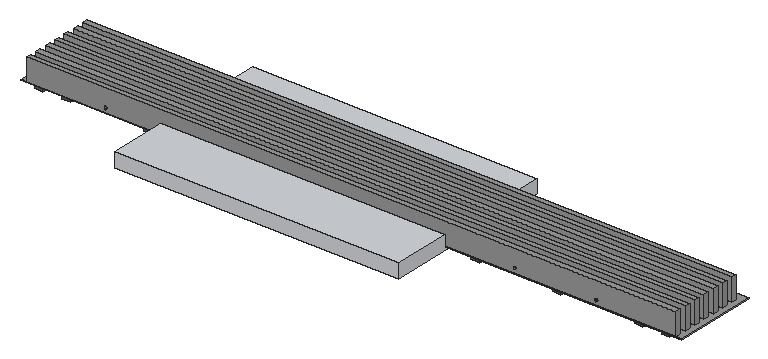
Revit family "1414-7, Veneer", category Generic Models, host Face, Revit 2020
Family settings
  Host = Face
  Can host rebar = No
  Round Connector Dimension = Use Diameter
  Part Type = Normal
  Cut with Voids When Loaded = No
  Shared = No
  Room Calculation Point = No
Parameters
  min_value [instance] = 2' - 4"  # constant formula
  max_value [instance] = 9' - 11 1/4"  # constant formula
  actual_value [instance] = if(NET LENGTH < min_value, min_value, if(NET LENGTH > max_value, max_value, NET LENGTH))  # 7' - 11 1/4"
  SCRIM MATERIAL [instance] = SCRIM
  SCRIM APPEARANCE [instance] = yes
  NET LENGTH [instance] = 7' - 11 1/4"
  IMPORTANT NOTE!!!                                                                             *Backer & dowel layout is for visualization purposes only, final layout to be determined by 9Wood. [instance] = ""
  Default Elevation = 4' - 0"
  DOWEL RADIUS [instance] = 0' - 0 1/4"  # constant formula
  BACKER & DOWEL MATERIAL [instance] = BLACK-BACKERS
  .. MEMBER WIDTH [instance] = 0' - 0 3/4"  # constant formula
  .. MEMBER MATERIAL [instance] = Veneer Cherry
  .. MEMBER DEPTH [instance] = 0' - 3 1/4"  # constant formula
  .. MEMBER COUNT [instance] = 7  # constant formula
Reference planes (in)
  plane 1 "Center (Front/Back)": y = 0
  plane 2: z = 0
  plane 3 "Center (Left/Right)": x = 0
Forms (in)
  Extrusion 1, solid
    sketch origin (0, 0, 0) x (1, 0, 0) y (0, 1, 0)
      loop
        line (-24.24823, 14.63962) -> (-24.24823, -10.69266) -> (17.36192, -10.69266) -> (17.36192, 14.63962) -> (-24.24823, 14.63962)
    from 0 to 2.0625
Dimensions and locks (in)
  aligned and locked: plane 2 to Extrusion 1
Nested families (in)
  nested 1: "1400 series" at (-44.01308, -2.1224, 0.00189), NET LENGTH <- "actual_value", .. MEMBER DEPTH <- ".. MEMBER DEPTH", .. MEMBER WIDTH <- ".. MEMBER WIDTH", DOWEL RADIUS <- "DOWEL RADIUS", BACKER & DOWEL MATERIAL <- "BACKER & DOWEL MATERIAL", .. MEMBER MATERIAL <- ".. MEMBER MATERIAL", SCRIM MATERIAL <- "SCRIM MATERIAL", MEMBER COUNT <- ".. MEMBER COUNT", SCRIM APPEARANCE <- "SCRIM APPEARANCE", type "1400 series"
    with X 7' - 8", SCRIM MATERIAL SCRIM, SCRIM LENGTH 8' - 1", SCRIM APPEARANCE yes, SCRIM 2 0' - 0 7/8", SCRIM 1 0' - 0 3/32", OC TYP 1' - 0", NET LENGTH 7' - 11 1/4", N 8, MEMBER COUNT 7, INSET 2 0' - 0 3/16", INSET 0' - 1", HALF MEMBER WIDTH 0' - 0 3/8", END BACKER yes, DOWEL RADIUS 0' - 0 1/4", DOWEL INDEX 0' - 11 5/8", DOWEL COUNT 7, BACKING M COUNT 8, BACKER WIDTH 0' - 1 1/4", BACKER INDEX 0' - 5 5/8", BACKER DEPTH 0' - 0 1/2", BACKER & DOWEL MATERIAL BLACK-BACKERS, BACKER &  DOWEL LENGTH 0' - 11 7/8", .. MEMBER WIDTH 0' - 0 3/4", .. MEMBER OC TYP 0' - 1.71429", .. MEMBER MATERIAL Veneer Cherry, .. MEMBER DEPTH 0' - 3 1/4"
Definition of nested family "1400 series"
  Parameters (values of type "1400 series")
    X [instance] = NET LENGTH - 0' 3 1/4"  # 7' - 2"
    SCRIM MATERIAL [instance] = none
    SCRIM APPEARANCE [instance] = yes
    SCRIM 2 [instance] = 0' - 0 7/8"  # constant formula
    SCRIM 1 [instance] = 0' - 0 3/32"  # constant formula
    OC TYP [instance] = 1' - 0"  # constant formula
    N [instance] = if((X - (rounddown(X / 1' 0") * 1' 0")) > 1' 0", rounddown(X / 1' 0") + 2, rounddown(X / 1' 0") + 1)  # 8
    MEMBER COUNT [instance] = 2
    INSET 5 = 0' - 0 11/16"  # constant formula
    INSET 2 [instance] = 0' - 0 3/16"  # constant formula
    INSET [instance] = 0' - 1"  # constant formula
    END BACKER [instance] = BACKER INDEX > 0' 3 5/8"  # no
    HALF MEMBER WIDTH [instance] = .. MEMBER WIDTH / 2  # 0' - 1 1/8"
    Default Elevation = 0' - 0"
    DOWEL RADIUS [instance] = 0' - 0 1/4"
    DOWEL INDEX [instance] = BACKER INDEX + 0' 6"  # 0' - 8 5/8"
    DOWEL COUNT [instance] = N - 1  # 7
    BACKER WIDTH [instance] = 0' - 1 1/4"  # constant formula
    BACKER INDEX [instance] = (NET LENGTH - ((N - 1) * 1' 0")) / 2  # 0' - 2 5/8"
    BACKER DEPTH [instance] = 0' - 0 1/2"  # constant formula
    BACKING M COUNT [instance] = N  # 8
    BACKER & DOWEL MATERIAL [instance] = none
    BACKER &  DOWEL LENGTH [instance] = 0' - 11 7/8"  # constant formula
    SCRIM LENGTH [instance] = NET LENGTH + (SCRIM 2 * 2)  # 7' - 7"
    .. MEMBER WIDTH [instance] = 0' - 2 1/4"
    .. MEMBER OC TYP [instance] = 1' 0" / MEMBER COUNT  # 0' - 6"
    .. MEMBER MATERIAL [instance] = none
    NET LENGTH [instance] = 7' - 5 1/4"
    .. MEMBER DEPTH [instance] = 0' - 4"
  Reference planes (in)
    plane 1 "Center (Front/Back)": y = 0
    plane 2: z = 0
    plane 3 "Center (Left/Right)": x = 0
    plane 4: x = 89.25
    plane 5: x = 1
    plane 6: x = 88.25
    plane 7: x = 2.625
    plane 8: x = 8.625
    plane 9: x = 14.625
    plane 10: x = 20.625
    plane 11: y = 0.1875
    plane 12: y = 1.125
    plane 13: y = 7.125
    plane 14: y = 12.0625
    plane 15: x = 90.125
    plane 16: x = -0.875
    plane 17: y = 12.15625
    plane 18: y = -0.09375
    plane 19: z = 2.7097
    plane 20: z = 0.49811
    plane 21: z = 0.56061
    plane 22: z = 1.24811
  Lines and regions (in)
    model lines, not visible
      curve 1: line (8.625, 0, 0.99811) -> (8.625, 0, 1.49811)
      curve 2: line (8.625, 0, 1.49811) -> (8.375, 0, 1.24811)
      curve 3: line (8.375, 0, 1.24811) -> (8.875, 0, 1.24811)
      curve 4: line (20.625, 0, 0.99811) -> (20.625, 0, 1.49811)
      curve 5: line (20.625, 0, 1.49811) -> (20.375, 0, 1.24811)
      curve 6: line (20.375, 0, 1.24811) -> (20.875, 0, 1.24811)
      curve 7: line (32.625, 0, 0.99811) -> (32.625, 0, 1.49811)
      curve 8: line (32.625, 0, 1.49811) -> (32.375, 0, 1.24811)
      curve 9: line (32.375, 0, 1.24811) -> (32.875, 0, 1.24811)
      curve 10: line (44.625, 0, 0.99811) -> (44.625, 0, 1.49811)
      curve 11: line (44.625, 0, 1.49811) -> (44.375, 0, 1.24811)
      curve 12: line (44.375, 0, 1.24811) -> (44.875, 0, 1.24811)
      curve 13: line (56.625, 0, 0.99811) -> (56.625, 0, 1.49811)
      curve 14: line (56.625, 0, 1.49811) -> (56.375, 0, 1.24811)
      curve 15: line (56.375, 0, 1.24811) -> (56.875, 0, 1.24811)
      curve 16: line (68.625, 0, 0.99811) -> (68.625, 0, 1.49811)
      curve 17: line (68.625, 0, 1.49811) -> (68.375, 0, 1.24811)
      curve 18: line (68.375, 0, 1.24811) -> (68.875, 0, 1.24811)
      curve 19: line (80.625, 0, 0.99811) -> (80.625, 0, 1.49811)
      curve 20: line (80.625, 0, 1.49811) -> (80.375, 0, 1.24811)
      curve 21: line (80.375, 0, 1.24811) -> (80.875, 0, 1.24811)
  Dimensions and locks (in)
    "INSET": plane 3 "Center (Left/Right)" to plane 5
    "NET LENGTH": plane 3 "Center (Left/Right)" to plane 4
    "INSET": plane 6 to plane 4
    "BACKER INDEX": plane 3 "Center (Left/Right)" to plane 7
    "DOWEL INDEX": plane 3 "Center (Left/Right)" to plane 8
    "OC TYP": plane 7 to plane 9
    "OC TYP": plane 8 to plane 10
    "INSET 2": plane 1 "Center (Front/Back)" to plane 11
    equal spacing: group 1, group 2, group 5, group 6, group 7, group 13, group 14, group 16  (x3)
    equal spacing: group 3, group 4, group 8, group 9, group 10, group 15, group 17  (x3)
    group 11 to group 12 = 0' - 0"  (x2)
    group 11 to group 12 = 0' - 6"
    ".. MEMBER OC TYP": plane 13 to plane 12
    "HALF MEMBER WIDTH": plane 1 "Center (Front/Back)" to plane 12
    "SCRIM 2": plane 16 to plane 3 "Center (Left/Right)"
    "SCRIM 2": plane 4 to plane 15
    "SCRIM 1": plane 18 to plane 1 "Center (Front/Back)"
    "SCRIM 1": plane 17 to plane 14
    "INSET 5": plane 22 to plane 21
    aligned and locked: level to plane 2
    aligned and locked: plane 7 to nested 2
    aligned and locked: plane 5 to nested 1
    aligned and locked: plane 9 to nested 3
    aligned and locked: nested 1 to plane 5
    aligned and locked: nested 2 to plane 11
    aligned and locked: nested 1 to plane 11
    aligned and locked: nested 3 to plane 11
    aligned and locked: nested 4 to plane 11  (x2)
    aligned and locked: plane 10 to nested 5
    aligned and locked: plane 6 to nested 12
    aligned and locked: nested 5 to plane 11
    aligned and locked: plane 11 to nested 12
    aligned and locked: plane 12 to nested 13
    aligned and locked: nested 14 to plane 13
    aligned and locked: plane 14 to nested 8
    aligned and locked: plane 16 to nested 15
    aligned and locked: nested 15 to plane 18
    aligned and locked: nested 15 to plane 17
    aligned and locked: nested 15 to plane 16  (x2)
    aligned and locked: nested 1 to level
    aligned and locked: level to nested 3
    aligned and locked: plane 20 to nested 2
    aligned and locked: plane 20 to nested 1
    aligned and locked: plane 20 to nested 3
    aligned and locked: nested 12 to plane 20
    aligned and locked: nested 15 to plane 20
    aligned and locked: plane 21 to nested 15
    aligned and locked: nested 13 to plane 21
    aligned and locked: plane 22 to nested 4
    aligned and locked: plane 22 to nested 5
    aligned and locked: nested 13 to plane 8
    aligned and locked: plane 10 to nested 13
    aligned and locked: curve 1 to nested 13
    aligned and locked: nested 13 to curve 4
  Automatic sketch dimensions
    curve 3 to curve 1 = 0' - 0 1/4"  (x2)
    curve 1 to curve 3 = 0' - 0 1/4"
    curve 1 to curve 2 = 0' - 0 1/4"
    curve 6 to curve 4 = 0' - 0 1/4"  (x2)
    curve 4 to curve 6 = 0' - 0 1/4"
    curve 4 to curve 5 = 0' - 0 1/4"
    curve 9 to curve 7 = 0' - 0 1/4"  (x2)
    curve 7 to curve 9 = 0' - 0 1/4"
    curve 7 to curve 8 = 0' - 0 1/4"
    curve 12 to curve 10 = 0' - 0 1/4"  (x2)
    curve 10 to curve 12 = 0' - 0 1/4"
    curve 10 to curve 11 = 0' - 0 1/4"
    curve 15 to curve 13 = 0' - 0 1/4"  (x2)
    curve 13 to curve 15 = 0' - 0 1/4"
    curve 13 to curve 14 = 0' - 0 1/4"
    curve 18 to curve 16 = 0' - 0 1/4"  (x2)
    curve 16 to curve 18 = 0' - 0 1/4"
    curve 16 to curve 17 = 0' - 0 1/4"
    curve 21 to curve 19 = 0' - 0 1/4"  (x2)
    curve 19 to curve 21 = 0' - 0 1/4"
    curve 19 to curve 20 = 0' - 0 1/4"
  Nested families (in)
    nested 1: "INSTANCE - 3RD -  EXTEND BOTH SIDES - Parametric Cube.0001" at (1, 0.1875, 0.49811), Length <- "BACKER &  DOWEL LENGTH", Width <- "BACKER WIDTH", Height <- "BACKER DEPTH", Material <- "BACKER & DOWEL MATERIAL", visible <- "END BACKER", type "INSTANCE - 3RD -  EXTEND BOTH SIDES - Parametric Cube.0001"
      with Width 0' - 1 1/4", Material none, Length 0' - 11 7/8", Height 0' - 0 1/2"
    nested 2: "INSTANCE - 2ND -  EXTEND SIDE H CENTER W - Parametric Cube.0001" at (2.625, 0.1875, 0.49811), Width <- "BACKER WIDTH", Length <- "BACKER &  DOWEL LENGTH", Height <- "BACKER DEPTH", Material <- "BACKER & DOWEL MATERIAL", type "INSTANCE - 2ND -  EXTEND SIDE H CENTER W - Parametric Cube.0001"
      with Width 0' - 1 1/4", Material none, Length 0' - 11 7/8", Height 0' - 0 1/2"
    nested 3: "INSTANCE - 2ND -  EXTEND SIDE H CENTER W - Parametric Cube.0001" at (14.625, 0.1875, 0.49811), Width <- "BACKER WIDTH", Length <- "BACKER &  DOWEL LENGTH", Height <- "BACKER DEPTH", Material <- "BACKER & DOWEL MATERIAL", type "INSTANCE - 2ND -  EXTEND SIDE H CENTER W - Parametric Cube.0001"
      with Width 0' - 1 1/4", Material none, Length 0' - 11 7/8", Height 0' - 0 1/2"
    nested 4: "DOWEL" at (-1.375, 0.1875, 1.24811), DOWEL LENGTH <- "BACKER &  DOWEL LENGTH", DOWEL RADII <- "DOWEL RADIUS", BACKING MEM MATERIAL <- "BACKER & DOWEL MATERIAL", type "DOWEL"
      with DOWEL RADII 0' - 0 1/4", DOWEL LENGTH 0' - 11 7/8", BACKING MEM MATERIAL none
    nested 5: "DOWEL" at (10.625, 0.1875, 1.24811), DOWEL LENGTH <- "BACKER &  DOWEL LENGTH", DOWEL RADII <- "DOWEL RADIUS", BACKING MEM MATERIAL <- "BACKER & DOWEL MATERIAL", type "DOWEL"
      with DOWEL RADII 0' - 0 1/4", DOWEL LENGTH 0' - 11 7/8", BACKING MEM MATERIAL none
    nested 6: "INSTANCE - 2ND -  EXTEND SIDE H CENTER W - Parametric Cube.0001" at (26.625, 0.1875, 0.49811), Width <- "BACKER WIDTH", Length <- "BACKER &  DOWEL LENGTH", Height <- "BACKER DEPTH", Material <- "BACKER & DOWEL MATERIAL", type "INSTANCE - 2ND -  EXTEND SIDE H CENTER W - Parametric Cube.0001"
      with Width 0' - 1 1/4", Material none, Length 0' - 11 7/8", Height 0' - 0 1/2"
    nested 7: "INSTANCE - 2ND -  EXTEND SIDE H CENTER W - Parametric Cube.0001" at (38.625, 0.1875, 0.49811), Width <- "BACKER WIDTH", Length <- "BACKER &  DOWEL LENGTH", Height <- "BACKER DEPTH", Material <- "BACKER & DOWEL MATERIAL", type "INSTANCE - 2ND -  EXTEND SIDE H CENTER W - Parametric Cube.0001"
      with Width 0' - 1 1/4", Material none, Length 0' - 11 7/8", Height 0' - 0 1/2"
    nested 8: "INSTANCE - 2ND -  EXTEND SIDE H CENTER W - Parametric Cube.0001" at (50.625, 0.1875, 0.49811), Width <- "BACKER WIDTH", Length <- "BACKER &  DOWEL LENGTH", Height <- "BACKER DEPTH", Material <- "BACKER & DOWEL MATERIAL", type "INSTANCE - 2ND -  EXTEND SIDE H CENTER W - Parametric Cube.0001"
      with Width 0' - 1 1/4", Material none, Length 0' - 11 7/8", Height 0' - 0 1/2"
    nested 9: "DOWEL" at (22.625, 0.1875, 1.24811), DOWEL LENGTH <- "BACKER &  DOWEL LENGTH", DOWEL RADII <- "DOWEL RADIUS", BACKING MEM MATERIAL <- "BACKER & DOWEL MATERIAL", type "DOWEL"
      with DOWEL RADII 0' - 0 1/4", DOWEL LENGTH 0' - 11 7/8", BACKING MEM MATERIAL none
    nested 10: "DOWEL" at (34.625, 0.1875, 1.24811), DOWEL LENGTH <- "BACKER &  DOWEL LENGTH", DOWEL RADII <- "DOWEL RADIUS", BACKING MEM MATERIAL <- "BACKER & DOWEL MATERIAL", type "DOWEL"
      with DOWEL RADII 0' - 0 1/4", DOWEL LENGTH 0' - 11 7/8", BACKING MEM MATERIAL none
    nested 11: "DOWEL" at (46.625, 0.1875, 1.24811), DOWEL LENGTH <- "BACKER &  DOWEL LENGTH", DOWEL RADII <- "DOWEL RADIUS", BACKING MEM MATERIAL <- "BACKER & DOWEL MATERIAL", type "DOWEL"
      with DOWEL RADII 0' - 0 1/4", DOWEL LENGTH 0' - 11 7/8", BACKING MEM MATERIAL none
    nested 12: "INSTANCE - 3RD -  EXTEND BOTH SIDES - Parametric Cube.0001" at (88.25, 0.1875, 0.49811) x (-1, 0, 0) z (0, 0, 1), Width <- "BACKER WIDTH", Length <- "BACKER &  DOWEL LENGTH", Height <- "BACKER DEPTH", Material <- "BACKER & DOWEL MATERIAL", visible <- "END BACKER", type "INSTANCE - 3RD -  EXTEND BOTH SIDES - Parametric Cube.0001"
      with Width 0' - 1 1/4", Material none, Length 0' - 11 7/8", Height 0' - 0 1/2"
    nested 13: "HOLED MEMBER" at (0, -9.75, 8.12965), DOWEL INDEX <- "DOWEL INDEX", .. MEMBER LENGTH <- "NET LENGTH", .. MEMBER WIDTH <- ".. MEMBER WIDTH", DOWEL OC DIST <- "OC TYP", DOWEL RADII <- "DOWEL RADIUS", Material <- ".. MEMBER MATERIAL", DEPTH <- ".. MEMBER DEPTH", DOWEL COUNT <- "DOWEL COUNT", Space <- "INSET 5", type "HOLED MEMBER"
      with Space 0' - 0 11/16", Material none, Height 0' - 10.43096", HALF MEMBER WIDTH 0' - 1 1/8", DOWEL RADII 0' - 0 1/4", DOWEL OC DIST 1' - 0", DOWEL INDEX 0' - 8 5/8", DOWEL COUNT 7, DEPTH 0' - 4", .. MEMBER WIDTH 0' - 2 1/4", .. MEMBER LENGTH 7' - 5 1/4"
    nested 14: "HOLED MEMBER" at (0, -3.75, 8.12965), DOWEL INDEX <- "DOWEL INDEX", .. MEMBER LENGTH <- "NET LENGTH", .. MEMBER WIDTH <- ".. MEMBER WIDTH", DOWEL OC DIST <- "OC TYP", DOWEL RADII <- "DOWEL RADIUS", Material <- ".. MEMBER MATERIAL", DEPTH <- ".. MEMBER DEPTH", DOWEL COUNT <- "DOWEL COUNT", Space <- "INSET 5", type "HOLED MEMBER"
      with Space 0' - 0 11/16", Material none, Height 0' - 10.43096", HALF MEMBER WIDTH 0' - 1 1/8", DOWEL RADII 0' - 0 1/4", DOWEL OC DIST 1' - 0", DOWEL INDEX 0' - 8 5/8", DOWEL COUNT 7, DEPTH 0' - 4", .. MEMBER WIDTH 0' - 2 1/4", .. MEMBER LENGTH 7' - 5 1/4"
    nested 15: "INSTANCE - 3RD -  EXTEND BOTH SIDES - Parametric Cube.0001" at (-0.875, -0.09375, 0.56061), Width <- "SCRIM LENGTH", Material <- "SCRIM MATERIAL", visible <- "SCRIM APPEARANCE", type "INSTANCE - 3RD -  EXTEND BOTH SIDES - Parametric Cube.0001"
      with Width 7' - 7", Material none, Length 1' - 0 1/4", Height 0' - 0 1/16"
    nested 16: "INSTANCE - 2ND -  EXTEND SIDE H CENTER W - Parametric Cube.0001" at (62.625, 0.1875, 0.49811), Width <- "BACKER WIDTH", Length <- "BACKER &  DOWEL LENGTH", Height <- "BACKER DEPTH", Material <- "BACKER & DOWEL MATERIAL", type "INSTANCE - 2ND -  EXTEND SIDE H CENTER W - Parametric Cube.0001"
      with Width 0' - 1 1/4", Material none, Length 0' - 11 7/8", Height 0' - 0 1/2"
    nested 17: "INSTANCE - 2ND -  EXTEND SIDE H CENTER W - Parametric Cube.0001" at (74.625, 0.1875, 0.49811), Width <- "BACKER WIDTH", Length <- "BACKER &  DOWEL LENGTH", Height <- "BACKER DEPTH", Material <- "BACKER & DOWEL MATERIAL", type "INSTANCE - 2ND -  EXTEND SIDE H CENTER W - Parametric Cube.0001"
      with Width 0' - 1 1/4", Material none, Length 0' - 11 7/8", Height 0' - 0 1/2"
    nested 18: "DOWEL" at (58.625, 0.1875, 1.24811), DOWEL LENGTH <- "BACKER &  DOWEL LENGTH", DOWEL RADII <- "DOWEL RADIUS", BACKING MEM MATERIAL <- "BACKER & DOWEL MATERIAL", type "DOWEL"
      with DOWEL RADII 0' - 0 1/4", DOWEL LENGTH 0' - 11 7/8", BACKING MEM MATERIAL none
    nested 19: "INSTANCE - 2ND -  EXTEND SIDE H CENTER W - Parametric Cube.0001" at (86.625, 0.1875, 0.49811), Width <- "BACKER WIDTH", Length <- "BACKER &  DOWEL LENGTH", Height <- "BACKER DEPTH", Material <- "BACKER & DOWEL MATERIAL", type "INSTANCE - 2ND -  EXTEND SIDE H CENTER W - Parametric Cube.0001"
      with Width 0' - 1 1/4", Material none, Length 0' - 11 7/8", Height 0' - 0 1/2"
    nested 20: "DOWEL" at (70.625, 0.1875, 1.24811), DOWEL LENGTH <- "BACKER &  DOWEL LENGTH", DOWEL RADII <- "DOWEL RADIUS", BACKING MEM MATERIAL <- "BACKER & DOWEL MATERIAL", type "DOWEL"
      with DOWEL RADII 0' - 0 1/4", DOWEL LENGTH 0' - 11 7/8", BACKING MEM MATERIAL none
  Definition of nested family "INSTANCE - 3RD -  EXTEND BOTH SIDES - Parametric Cube.0001"
    Parameters (values of type "INSTANCE - 3RD -  EXTEND BOTH SIDES - Parametric Cube.0001")
      Width [instance] = 0' - 6"
      Material [instance] = none
      Length [instance] = 1' - 0"
      Height [instance] = 1' - 6"
      Default Elevation = 0' - 0"
    Reference planes (in)
      plane 1 "Center (Front/Back)": y = 0
      plane 2: z = 0
      plane 3 "Center (Left/Right)": x = 0
      plane 4: x = 6
      plane 5: y = 12
      plane 6: z = -18
    Forms (in)
      Extrusion 1, solid, material <- "Material"
        sketch origin (0, 6, 0) x (1, 0, 0) y (0, 1, 0)
          loop
            line (0, 6) -> (0, -6) -> (6, -6) -> (6, 6) -> (0, 6)
        from -18 to 0
    Dimensions and locks (in)
      "Height": plane 6 to level
      "Length": plane 1 "Center (Front/Back)" to plane 5
      "Width": plane 3 "Center (Left/Right)" to plane 4
      aligned and locked: plane 2 to level
      aligned and locked: Extrusion 1 sketch curve to plane 4
      aligned and locked: Extrusion 1 to plane 6
      aligned and locked: plane 5 to Extrusion 1
      aligned and locked: Extrusion 1 to plane 3 "Center (Left/Right)"
    Automatic sketch dimensions
      plane 1 "Center (Front/Back)" to Extrusion 1 sketch curve = 0' - 0"
      plane 5 to Extrusion 1 sketch curve = 0' - 0"
      Extrusion 1 sketch curve to plane 3 "Center (Left/Right)" = 0' - 0"
  Definition of nested family "INSTANCE - 2ND -  EXTEND SIDE H CENTER W - Parametric Cube.0001"
    Parameters (values of type "INSTANCE - 2ND -  EXTEND SIDE H CENTER W - Parametric Cube.0001")
      Width [instance] = 0' - 6"
      Material [instance] = none
      Length [instance] = 1' - 0"
      Height [instance] = 1' - 6"
      Default Elevation = 0' - 0"
    Reference planes (in)
      plane 1 "Center (Front/Back)": y = 0
      plane 2: z = 0
      plane 3 "Center (Left/Right)": x = 0
      plane 4: x = -3
      plane 5: x = 3
      plane 6: y = 12
      plane 7: z = -18
    Forms (in)
      Extrusion 1, solid, material <- "Material"
        sketch origin (0, 6, 0) x (1, 0, 0) y (0, 1, 0)
          loop
            line (-3, 6) -> (-3, -6) -> (3, -6) -> (3, 6) -> (-3, 6)
        from -18 to 0
    Dimensions and locks (in)
      equal spacing: plane 4, plane 3 "Center (Left/Right)", plane 5
      "Width": plane 4 to plane 5
      "Height": plane 7 to level
      "Length": plane 1 "Center (Front/Back)" to plane 6
      aligned and locked: plane 2 to level
      aligned and locked: plane 4 to Extrusion 1 sketch curve
      aligned and locked: Extrusion 1 sketch curve to plane 5
      aligned and locked: Extrusion 1 to plane 7
      aligned and locked: plane 6 to Extrusion 1
    Automatic sketch dimensions
      plane 1 "Center (Front/Back)" to Extrusion 1 sketch curve = 0' - 0"
      plane 6 to Extrusion 1 sketch curve = 0' - 0"
  Definition of nested family "DOWEL"
    Parameters (values of type "DOWEL")
      Default Elevation = 0' - 0"
      DOWEL RADII [instance] = 0' - 0 5/8"
      DOWEL LENGTH [instance] = 1' - 0"
      BACKING MEM MATERIAL [instance] = none
    Reference planes (in)
      plane 1 "Center (Front/Back)": y = 0
      plane 2: z = 0
      plane 3 "Center (Left/Right)": x = 0
      plane 4: y = 12
    Forms (in)
      Extrusion 1, solid, material <- "BACKING MEM MATERIAL"
        sketch origin (10, 0, 0) x (1, 0, 0) y (0, 0, 1)
          loop
            circle (0, 0) r 0.625
        from 0 to -12
      Extrusion 2, solid, not visible
        sketch origin (0, 0, 0) x (1, 0, 0) y (0, 0, 1)
          loop
            circle (0, 0) r 0.625
        from 0 to 12
      Extrusion 3, solid, not visible
        sketch origin (10, 0, 0) x (1, 0, 0) y (0, 0, 1)
          loop
            circle (0, 0) r 0.625
        from 0 to 2.5
      Extrusion 4, solid, not visible
        sketch origin (10, 0, 0) x (1, 0, 0) y (0, 0, 1)
          loop
            circle (0, 0) r 0.625
        from 0 to -12
    Lines and regions (in)
      model lines, not visible
        curve 1: line (-13, 0, 0) -> (-13, -12, 0)
        curve 2: line (13, 0, 0) -> (13, -12, 0)
        curve 3: line (9.89453, 0, 0) -> (10.08794, 0, 0)
        curve 4: line (9.89453, -2.5, 0) -> (10.08794, -2.5, 0)
        curve 6: line (10, 0, 0) -> (10, 2, 0)
      model lines
        curve 5: line (10, 0, 0) -> (10, 2, 0)
    Dimensions and locks (in)
      "DOWEL LENGTH": plane 1 "Center (Front/Back)" to plane 4
      "DOWEL RADII": radius of Extrusion 1 sketch curve
      "DOWEL RADII": radius of Extrusion 2 sketch curve
      "DOWEL RADII": radius of Extrusion 3 sketch curve
      "DOWEL RADII": radius of Extrusion 4 sketch curve
      "DOWEL RADII": radius of Extrusion 1
      aligned and locked: plane 2 to level
      aligned and locked: Extrusion 1 to plane 1 "Center (Front/Back)"  (x3)
      aligned and locked: plane 1 "Center (Front/Back)" to Extrusion 1
      aligned and locked: plane 4 to Extrusion 1
    Automatic sketch dimensions
      plane 1 "Center (Front/Back)" to curve 5 = 0' - 0"
      curve 5 to plane 1 "Center (Front/Back)" = 0' - 2"
      plane 3 "Center (Left/Right)" to curve 5 = 0' - 10"
      Extrusion 1 sketch curve to level = 0' - 0"
      plane 3 "Center (Left/Right)" to Extrusion 1 sketch curve = 0' - 10"
  Definition of nested family "HOLED MEMBER"
    Parameters (values of type "HOLED MEMBER")
      Space [instance] = 0' - 0 5/8"
      Material [instance] = none
      Height [instance] = 0' - 10.43096"
      HALF MEMBER WIDTH [instance] = .. MEMBER WIDTH / 2  # 0' - 0 5/16"
      Default Elevation = 0' - 0"
      DOWEL RADII [instance] = 0' - 0.34537"
      DOWEL OC DIST [instance] = 1' - 0"
      DOWEL INSET = 0' - 0 5/8"
      DOWEL INDEX [instance] = 0' - 5 5/8"
      DOWEL COUNT [instance] = 6
      DEPTH [instance] = 0' - 2"
      .. MEMBER WIDTH [instance] = 0' - 0 5/8"
      .. MEMBER LENGTH [instance] = 5' - 11 3/4"
    Reference planes (in)
      plane 1 "Center (Front/Back)": y = 12
      plane 2: z = -7.56904
      plane 3 "Center (Left/Right)": x = 0
      plane 4: x = 5.625
      plane 5: x = 17.625
      plane 6: y = 11.375
      plane 7: x = 71.75
      plane 8: y = 11.6875
      plane 9: z = -6.94404
      plane 10: z = -5.56904
    Forms (in)
      Extrusion 1, solid, material <- "Material"
        sketch origin (0, 12, -13.56904) x (1, 0, 0) y (0, 0, 1)
          loop
            line (0, 6) -> (71.75, 6) -> (71.75, 8) -> (0, 8) -> (0, 6)
        from 0.625 to 0
      Extrusion 2, void
        sketch origin (0, 12, -18.31904) x (1, 0, 0) y (0, 0, 1)
          loop
            circle (5.625, 11.375) r 0.34537
        from 0 to 12
      Extrusion 3, void, not visible
        sketch origin (0, 0, 0) x (1, 0, 0) y (0, 1, 0)
          loop
            circle (5.625, 11.375) r 0.34537
        from 0 to 12
      Extrusion 4, void, not visible
        sketch origin (0, 0, 0) x (1, 0, 0) y (0, 1, 0)
          loop
            circle (5.625, 11.375) r 0.34537
        from 0 to 12
      Extrusion 5, void, not visible
        sketch origin (12, 0, 0) x (1, 0, 0) y (0, 1, 0)
          loop
            circle (5.625, 11.375) r 0.34537
        from 0 to 12
      Extrusion 6, void, not visible
        sketch origin (0, 12, -17.56904) x (1, 0, 0) y (0, 0, 1)
          loop
            circle (5.625, 11.375) r 0.34537
        from 0 to 12
      Extrusion 7, void, not visible
        sketch origin (12, 12, -17.56904) x (1, 0, 0) y (0, 0, 1)
          loop
            circle (5.625, 11.375) r 0.34537
        from 0 to 12
      Extrusion 8, void, not visible
        sketch origin (0, 12, -19.56904) x (1, 0, 0) y (0, 0, 1)
          loop
            circle (5.625, 11.375) r 0.34537
        from 0 to 12
      Extrusion 9, void
        sketch origin (12, 12, -18.31904) x (1, 0, 0) y (0, 0, 1)
          loop
            circle (5.625, 11.375) r 0.34537
        from 0 to 12
      Extrusion 10, void
        sketch origin (24, 12, -18.31904) x (1, 0, 0) y (0, 0, 1)
          loop
            circle (5.625, 11.375) r 0.34537
        from 0 to 12
      Extrusion 11, void
        sketch origin (36, 12, -18.31904) x (1, 0, 0) y (0, 0, 1)
          loop
            circle (5.625, 11.375) r 0.34537
        from 0 to 12
      Extrusion 12, void
        sketch origin (48, 12, -18.31904) x (1, 0, 0) y (0, 0, 1)
          loop
            circle (5.625, 11.375) r 0.34537
        from 0 to 12
      Extrusion 13, void
        sketch origin (60, 12, -18.31904) x (1, 0, 0) y (0, 0, 1)
          loop
            circle (5.625, 11.375) r 0.34537
        from 0 to 12
      Extrusion 14, void, not visible
        sketch origin (24, 12, -17.56904) x (1, 0, 0) y (0, 0, 1)
          loop
            circle (5.625, 11.375) r 0.34537
        from 0 to 12
      Extrusion 15, void, not visible
        sketch origin (36, 12, -17.56904) x (1, 0, 0) y (0, 0, 1)
          loop
            circle (5.625, 11.375) r 0.34537
        from 0 to 12
      Extrusion 16, void, not visible
        sketch origin (48, 12, -17.56904) x (1, 0, 0) y (0, 0, 1)
          loop
            circle (5.625, 11.375) r 0.34537
        from 0 to 12
      Extrusion 17, void, not visible
        sketch origin (60, 12, -17.56904) x (1, 0, 0) y (0, 0, 1)
          loop
            circle (5.625, 11.375) r 0.34537
        from 0 to 12
      Extrusion 18, void, not visible
        sketch origin (24, 0, 0) x (1, 0, 0) y (0, 1, 0)
          loop
            circle (5.625, 11.375) r 0.34537
        from 0 to 12
      Extrusion 19, void, not visible
        sketch origin (36, 0, 0) x (1, 0, 0) y (0, 1, 0)
          loop
            circle (5.625, 11.375) r 0.34537
        from 0 to 12
      Extrusion 20, void, not visible
        sketch origin (48, 0, 0) x (1, 0, 0) y (0, 1, 0)
          loop
            circle (5.625, 11.375) r 0.34537
        from 0 to 12
      Extrusion 21, void, not visible
        sketch origin (60, 0, 0) x (1, 0, 0) y (0, 1, 0)
          loop
            circle (5.625, 11.375) r 0.34537
        from 0 to 12
    Cuts and joins
      Extrusion 2, Extrusion 9, Extrusion 10, Extrusion 11, Extrusion 12, Extrusion 13 cuts Extrusion 1
    Lines and regions (in)
      model lines, not visible
        curve 1: line (5.625, 11.72037, 0) -> (5.625, 11.02963, 0)
        curve 2: line (5.625, 11.72037, 0) -> (5.625, 11.02963, 0)
        curve 3: line (17.625, 11.72037, 0) -> (17.625, 11.02963, 0)
        curve 4: line (5.625, 12, -7.56904) -> (5.625, 11.87317, -7.56904)
        curve 5: line (5.625, 11.87317, -7.56904) -> (5.06195, 11.87317, -7.56904)
        curve 6: line (5.06195, 11.87317, -7.56904) -> (5.27963, 11.375, -7.56904)
        curve 7: line (0, 12, -6.19404) -> (0, 11.61951, -6.19404)
        curve 9: line (0, 11.375, -8.19404) -> (0, 11.6747, -8.19404)
        curve 10: line (5.625, 12, -7.56904) -> (5.625, 11.69863, -7.56904)
        curve 11: line (5.625, 12, -7.56904) -> (5.625, 11.69863, -7.56904)
        curve 12: line (5.625, 10.75, 0) -> (5.625, 10.75, 0.30137)
        curve 13: line (5.625, 10.75, 0) -> (5.625, 10.75, 0.30137)
        curve 14: line (17.625, 10.75, 0) -> (17.625, 10.75, 0.30137)
        curve 15: line (5.625, 12, -6.81904) -> (5.625, 11.69863, -6.81904)
        curve 16: line (17.625, 12, -6.81904) -> (17.625, 11.69863, -6.81904)
        curve 17: line (5.625, 12, -8.81904) -> (5.625, 11.69863, -8.81904)
        curve 18: line (17.625, 12, -7.56904) -> (17.625, 11.69863, -7.56904)
        curve 19: line (29.625, 12, -7.56904) -> (29.625, 11.69863, -7.56904)
        curve 20: line (41.625, 12, -7.56904) -> (41.625, 11.69863, -7.56904)
        curve 21: line (53.625, 12, -7.56904) -> (53.625, 11.69863, -7.56904)
        curve 22: line (65.625, 12, -7.56904) -> (65.625, 11.69863, -7.56904)
        curve 23: line (29.625, 12, -6.81904) -> (29.625, 11.69863, -6.81904)
        curve 24: line (41.625, 12, -6.81904) -> (41.625, 11.69863, -6.81904)
        curve 25: line (53.625, 12, -6.81904) -> (53.625, 11.69863, -6.81904)
        curve 26: line (65.625, 12, -6.81904) -> (65.625, 11.69863, -6.81904)
        curve 27: line (29.625, 11.72037, 0) -> (29.625, 11.02963, 0)
        curve 28: line (29.625, 10.75, 0) -> (29.625, 10.75, 0.30137)
        curve 29: line (41.625, 11.72037, 0) -> (41.625, 11.02963, 0)
        curve 30: line (41.625, 10.75, 0) -> (41.625, 10.75, 0.30137)
        curve 31: line (53.625, 11.72037, 0) -> (53.625, 11.02963, 0)
        curve 32: line (53.625, 10.75, 0) -> (53.625, 10.75, 0.30137)
        curve 33: line (65.625, 11.72037, 0) -> (65.625, 11.02963, 0)
        curve 34: line (65.625, 10.75, 0) -> (65.625, 10.75, 0.30137)
        curve 35: line (5.27963, 12, -6.94404) -> (5.97037, 12, -6.94404)
        curve 36: line (5.97037, 12, -6.94404) -> (5.625, 12, -6.59867)
        curve 37: line (5.625, 12, -6.59867) -> (5.625, 12, -7.28941)
        curve 38: line (5.27963, 11.375, 0) -> (5.97037, 11.375, 0)
        curve 39: line (5.97037, 11.375, 0) -> (5.625, 11.72037, 0)
        curve 40: line (5.625, 11.72037, 0) -> (5.625, 11.02963, 0)
        curve 41: line (5.27963, 11.375, 0) -> (5.97037, 11.375, 0)
        curve 42: line (5.97037, 11.375, 0) -> (5.625, 11.72037, 0)
        curve 43: line (5.625, 11.72037, 0) -> (5.625, 11.02963, 0)
        curve 44: line (17.27963, 11.375, 0) -> (17.97037, 11.375, 0)
        curve 45: line (17.97037, 11.375, 0) -> (17.625, 11.72037, 0)
        curve 46: line (17.625, 11.72037, 0) -> (17.625, 11.02963, 0)
        curve 47: line (5.27963, 12, -6.19404) -> (5.97037, 12, -6.19404)
        curve 48: line (5.97037, 12, -6.19404) -> (5.625, 12, -5.84867)
        curve 49: line (5.625, 12, -5.84867) -> (5.625, 12, -6.53941)
        curve 50: line (17.27963, 12, -6.19404) -> (17.97037, 12, -6.19404)
        curve 51: line (17.97037, 12, -6.19404) -> (17.625, 12, -5.84867)
        curve 52: line (17.625, 12, -5.84867) -> (17.625, 12, -6.53941)
        curve 53: line (5.27963, 12, -8.19404) -> (5.97037, 12, -8.19404)
        curve 54: line (5.97037, 12, -8.19404) -> (5.625, 12, -7.84867)
        curve 55: line (5.625, 12, -7.84867) -> (5.625, 12, -8.53941)
        curve 56: line (17.27963, 12, -6.94404) -> (17.97037, 12, -6.94404)
        curve 57: line (17.97037, 12, -6.94404) -> (17.625, 12, -6.59867)
        curve 58: line (17.625, 12, -6.59867) -> (17.625, 12, -7.28941)
        curve 59: line (29.27963, 12, -6.94404) -> (29.97037, 12, -6.94404)
        curve 60: line (29.97037, 12, -6.94404) -> (29.625, 12, -6.59867)
        curve 61: line (29.625, 12, -6.59867) -> (29.625, 12, -7.28941)
        curve 62: line (41.27963, 12, -6.94404) -> (41.97037, 12, -6.94404)
        curve 63: line (41.97037, 12, -6.94404) -> (41.625, 12, -6.59867)
        curve 64: line (41.625, 12, -6.59867) -> (41.625, 12, -7.28941)
        curve 65: line (53.27963, 12, -6.94404) -> (53.97037, 12, -6.94404)
        curve 66: line (53.97037, 12, -6.94404) -> (53.625, 12, -6.59867)
        curve 67: line (53.625, 12, -6.59867) -> (53.625, 12, -7.28941)
        curve 68: line (65.27963, 12, -6.94404) -> (65.97037, 12, -6.94404)
        curve 69: line (65.97037, 12, -6.94404) -> (65.625, 12, -6.59867)
        curve 70: line (65.625, 12, -6.59867) -> (65.625, 12, -7.28941)
        curve 71: line (29.27963, 12, -6.19404) -> (29.97037, 12, -6.19404)
        curve 72: line (29.97037, 12, -6.19404) -> (29.625, 12, -5.84867)
        curve 73: line (29.625, 12, -5.84867) -> (29.625, 12, -6.53941)
        curve 74: line (41.27963, 12, -6.19404) -> (41.97037, 12, -6.19404)
        curve 75: line (41.97037, 12, -6.19404) -> (41.625, 12, -5.84867)
        curve 76: line (41.625, 12, -5.84867) -> (41.625, 12, -6.53941)
        curve 77: line (53.27963, 12, -6.19404) -> (53.97037, 12, -6.19404)
        curve 78: line (53.97037, 12, -6.19404) -> (53.625, 12, -5.84867)
        curve 79: line (53.625, 12, -5.84867) -> (53.625, 12, -6.53941)
        curve 80: line (65.27963, 12, -6.19404) -> (65.97037, 12, -6.19404)
        curve 81: line (65.97037, 12, -6.19404) -> (65.625, 12, -5.84867)
        curve 82: line (65.625, 12, -5.84867) -> (65.625, 12, -6.53941)
        curve 83: line (29.27963, 11.375, 0) -> (29.97037, 11.375, 0)
        curve 84: line (29.97037, 11.375, 0) -> (29.625, 11.72037, 0)
        curve 85: line (29.625, 11.72037, 0) -> (29.625, 11.02963, 0)
        curve 86: line (41.27963, 11.375, 0) -> (41.97037, 11.375, 0)
        curve 87: line (41.97037, 11.375, 0) -> (41.625, 11.72037, 0)
        curve 88: line (41.625, 11.72037, 0) -> (41.625, 11.02963, 0)
        curve 89: line (53.27963, 11.375, 0) -> (53.97037, 11.375, 0)
        curve 90: line (53.97037, 11.375, 0) -> (53.625, 11.72037, 0)
        curve 91: line (53.625, 11.72037, 0) -> (53.625, 11.02963, 0)
        curve 92: line (65.27963, 11.375, 0) -> (65.97037, 11.375, 0)
        curve 93: line (65.97037, 11.375, 0) -> (65.625, 11.72037, 0)
        curve 94: line (65.625, 11.72037, 0) -> (65.625, 11.02963, 0)
      model lines
        curve 8: line (5.625, 12, -7.56904) -> (5.625, 11.69863, -7.56904)
    Dimensions and locks (in)
      "DOWEL INDEX": plane 3 "Center (Left/Right)" to plane 4
      "DOWEL OC DIST": plane 4 to plane 5
      ".. MEMBER LENGTH": plane 3 "Center (Left/Right)" to plane 7
      equal spacing: group 3, group 4, group 21, group 22, group 23, group 24  (x3)
      equal spacing: group 7, group 8, group 17, group 18, group 19, group 20  (x3)
      ".. MEMBER WIDTH": plane 6 to plane 1 "Center (Front/Back)"
      "HALF MEMBER WIDTH": plane 8 to plane 1 "Center (Front/Back)"
      equal spacing: group 1, group 12, group 13, group 14, group 15, group 16  (x2)
      equal spacing: group 16, group 15, group 14, group 13, group 12, group 1
      "DEPTH": plane 10 to level
      "Space": plane 9 to level
      "DOWEL RADII": radius of Extrusion 2 sketch curve
      "DOWEL RADII": radius of Extrusion 3 sketch curve
      "DOWEL RADII": radius of Extrusion 4 sketch curve
      "DOWEL RADII": radius of Extrusion 5 sketch curve
      "DOWEL RADII": radius of Extrusion 6 sketch curve
      "DOWEL RADII": radius of Extrusion 7 sketch curve
      "DOWEL RADII": radius of Extrusion 8 sketch curve
      "DOWEL RADII": radius of Extrusion 9 sketch curve
      "DOWEL RADII": radius of Extrusion 10 sketch curve
      "DOWEL RADII": radius of Extrusion 11 sketch curve
      "DOWEL RADII": radius of Extrusion 12 sketch curve
      "DOWEL RADII": radius of Extrusion 13 sketch curve
      "DOWEL RADII": radius of Extrusion 14 sketch curve
      "DOWEL RADII": radius of Extrusion 15 sketch curve
      "DOWEL RADII": radius of Extrusion 16 sketch curve
      "DOWEL RADII": radius of Extrusion 17 sketch curve
      "DOWEL RADII": radius of Extrusion 18 sketch curve
      "DOWEL RADII": radius of Extrusion 19 sketch curve
      "DOWEL RADII": radius of Extrusion 20 sketch curve
      "DOWEL RADII": radius of Extrusion 21 sketch curve
      aligned and locked: level to plane 2
      aligned and locked: Extrusion 1 to plane 3 "Center (Left/Right)"  (x2)
      aligned and locked: plane 7 to cut or joined group of Extrusion 1, Extrusion 2, Extrusion 9, Extrusion 10, Extrusion 11, Extrusion 12, Extrusion 13  (x2)
      aligned and locked: cut or joined group of Extrusion 1, Extrusion 2, Extrusion 9, Extrusion 10, Extrusion 11, Extrusion 12, Extrusion 13 to plane 1 "Center (Front/Back)"  (x2)
      aligned and locked: cut or joined group of Extrusion 1, Extrusion 2, Extrusion 9, Extrusion 10, Extrusion 11, Extrusion 12, Extrusion 13 to plane 6  (x2)
      aligned and locked: plane 4 to curve 11
      aligned and locked: curve 18 to plane 5
      aligned and locked: plane 4 to group 1
      aligned and locked: group 12 to plane 5
      aligned and locked: curve 35 to plane 9
      aligned and locked: plane 4 to curve 37
      aligned and locked: curve 56 to plane 9
      aligned and locked: curve 58 to plane 5
      aligned and locked: plane 10 to cut or joined group of Extrusion 1, Extrusion 2, Extrusion 9, Extrusion 10, Extrusion 11, Extrusion 12, Extrusion 13  (x2)
      aligned and locked: cut or joined group of Extrusion 1, Extrusion 2, Extrusion 9, Extrusion 10, Extrusion 11, Extrusion 12, Extrusion 13 to level
      aligned and locked: level to cut or joined group of Extrusion 1, Extrusion 2, Extrusion 9, Extrusion 10, Extrusion 11, Extrusion 12, Extrusion 13
    Automatic sketch dimensions
      curve 1 to curve 1 = 0' - 0.69074"
      curve 2 to curve 2 = 0' - 0.69074"
      curve 3 to curve 3 = 0' - 0.69074"
      Extrusion 1 sketch curve to plane 3 "Center (Left/Right)" = 0' - 0"
      Extrusion 1 sketch curve to plane 7 = 0' - 0"
      Extrusion 1 sketch curve to Extrusion 1 sketch curve = 0' - 2"
      Extrusion 1 sketch curve to level = 0' - 0"
      curve 8 to curve 8 = 0' - 0.30137"
      curve 10 to curve 10 = 0' - 0.30137"
      curve 8 to plane 4 = 0' - 0"
      plane 1 "Center (Front/Back)" to curve 8 = 0' - 0"
      plane 1 "Center (Front/Back)" to curve 8 = 0' - 0.30137"
      curve 11 to curve 11 = 0' - 0.30137"
      curve 12 to curve 12 = 0' - 0.30137"
      curve 13 to curve 13 = 0' - 0.30137"
      curve 14 to curve 14 = 0' - 0.30137"
      curve 15 to curve 15 = 0' - 0.30137"
      curve 16 to curve 16 = 0' - 0.30137"
      curve 17 to curve 17 = 0' - 0.30137"
      curve 18 to curve 18 = 0' - 0.30137"
      curve 19 to curve 19 = 0' - 0.30137"
      curve 20 to curve 20 = 0' - 0.30137"
      curve 21 to curve 21 = 0' - 0.30137"
      curve 22 to curve 22 = 0' - 0.30137"
      curve 23 to curve 23 = 0' - 0.30137"
      curve 24 to curve 24 = 0' - 0.30137"
      curve 25 to curve 25 = 0' - 0.30137"
      curve 26 to curve 26 = 0' - 0.30137"
      curve 27 to curve 27 = 0' - 0.69074"
      curve 28 to curve 28 = 0' - 0.30137"
      curve 29 to curve 29 = 0' - 0.69074"
      curve 30 to curve 30 = 0' - 0.30137"
      curve 31 to curve 31 = 0' - 0.69074"
      curve 32 to curve 32 = 0' - 0.30137"
      curve 33 to curve 33 = 0' - 0.69074"
      curve 34 to curve 34 = 0' - 0.30137"
      curve 37 to curve 35 = 0' - 0.34537"  (x2)
      curve 35 to curve 36 = 0' - 0.34537"
      curve 35 to curve 37 = 0' - 0.34537"
      curve 40 to curve 38 = 0' - 0.34537"  (x2)
      curve 38 to curve 39 = 0' - 0.34537"
      curve 38 to curve 40 = 0' - 0.34537"
      curve 43 to curve 41 = 0' - 0.34537"  (x2)
      curve 41 to curve 42 = 0' - 0.34537"
      curve 41 to curve 43 = 0' - 0.34537"
      curve 46 to curve 44 = 0' - 0.34537"  (x2)
      curve 44 to curve 45 = 0' - 0.34537"
      curve 44 to curve 46 = 0' - 0.34537"
      curve 49 to curve 47 = 0' - 0.34537"  (x2)
      curve 47 to curve 48 = 0' - 0.34537"
      curve 47 to curve 49 = 0' - 0.34537"
      curve 52 to curve 50 = 0' - 0.34537"  (x2)
      curve 50 to curve 51 = 0' - 0.34537"
      curve 50 to curve 52 = 0' - 0.34537"
      curve 55 to curve 53 = 0' - 0.34537"  (x2)
      curve 53 to curve 54 = 0' - 0.34537"
      curve 53 to curve 55 = 0' - 0.34537"
      curve 58 to curve 56 = 0' - 0.34537"  (x2)
      curve 56 to curve 57 = 0' - 0.34537"
      curve 56 to curve 58 = 0' - 0.34537"
      curve 61 to curve 59 = 0' - 0.34537"  (x2)
      curve 59 to curve 60 = 0' - 0.34537"
      curve 59 to curve 61 = 0' - 0.34537"
      curve 64 to curve 62 = 0' - 0.34537"  (x2)
      curve 62 to curve 63 = 0' - 0.34537"
      curve 62 to curve 64 = 0' - 0.34537"
      curve 67 to curve 65 = 0' - 0.34537"  (x2)
      curve 65 to curve 66 = 0' - 0.34537"
      curve 65 to curve 67 = 0' - 0.34537"
      curve 70 to curve 68 = 0' - 0.34537"  (x2)
      curve 68 to curve 69 = 0' - 0.34537"
      curve 68 to curve 70 = 0' - 0.34537"
      curve 73 to curve 71 = 0' - 0.34537"  (x2)
      curve 71 to curve 72 = 0' - 0.34537"
      curve 71 to curve 73 = 0' - 0.34537"
      curve 76 to curve 74 = 0' - 0.34537"  (x2)
      curve 74 to curve 75 = 0' - 0.34537"
      curve 74 to curve 76 = 0' - 0.34537"
      curve 79 to curve 77 = 0' - 0.34537"  (x2)
      curve 77 to curve 78 = 0' - 0.34537"
      curve 77 to curve 79 = 0' - 0.34537"
      curve 82 to curve 80 = 0' - 0.34537"  (x2)
      curve 80 to curve 81 = 0' - 0.34537"
      curve 80 to curve 82 = 0' - 0.34537"
      curve 85 to curve 83 = 0' - 0.34537"  (x2)
      curve 83 to curve 84 = 0' - 0.34537"
      curve 83 to curve 85 = 0' - 0.34537"
      curve 88 to curve 86 = 0' - 0.34537"  (x2)
      curve 86 to curve 87 = 0' - 0.34537"
      curve 86 to curve 88 = 0' - 0.34537"
      curve 91 to curve 89 = 0' - 0.34537"  (x2)
      curve 89 to curve 90 = 0' - 0.34537"
      curve 89 to curve 91 = 0' - 0.34537"
      curve 94 to curve 92 = 0' - 0.34537"  (x2)
      curve 92 to curve 93 = 0' - 0.34537"
      curve 92 to curve 94 = 0' - 0.34537"
